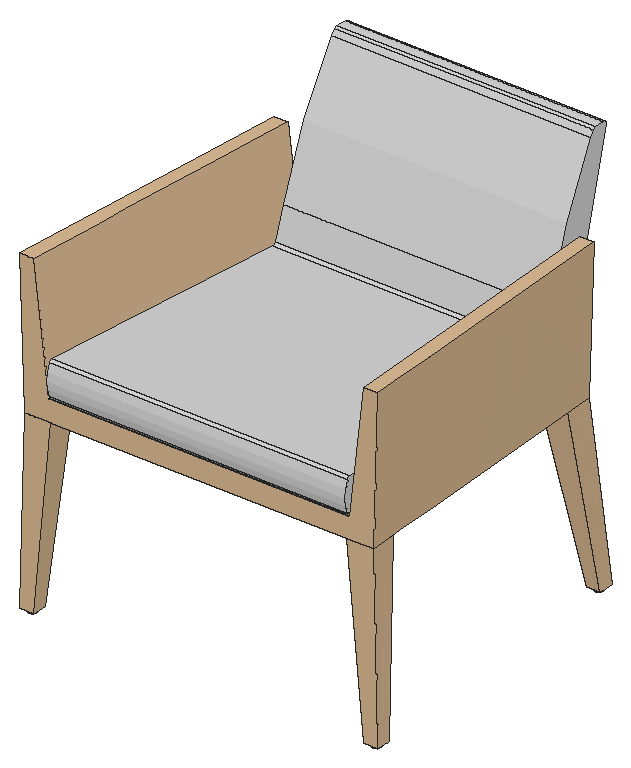
Revit family
Parameters
  Width = 2' - 1 3/4"  # constant formula
  URL = "http://elanbydecca.com/"
  Upholstery [instance] = Furniture - DECCA (Elan) - Rottet - Upholstery
  Base [instance] = Furniture - DECCA (Elan) - Rottet - Side Chair Base
  Product URL = "http://elanbydecca.com/PDFs/elan_tearsheet-rottet.pdf"
  Model = "LR SC850"
  Manufacturer = "Decca Contract"
  Height = 2' - 4 1/2"  # constant formula
  Description = "Rottet Side Chair"
  Depth = 2' - 1"  # constant formula
  Assembly Description = "Furniture & Accessories"
  Assembly Code = "E2020200"
Reference planes (in)
  plane 1 "Center Front/Back": y = -0.7524
  plane 2: z = 0
  plane 3 "Center Left/Right": x = 0
  plane 4 "L": x = -10.75
  plane 5 "R": x = 10.75
  plane 6 "F": y = -12.60201
  plane 7: y = 11.09721
  plane 8: through (-6.25338, 2.33237, 23.38953) normal (0.4297, -0.4297, 0.7941)
  plane 9: z = 28.5
  plane 10: z = 24.75
  plane 11: z = 17
  plane 12: x = -11.25
  plane 13: x = -10.40898
  plane 14: x = -9.40898
  plane 15: x = -10.11841
  plane 16: x = -8.21527
  plane 17: z = 0.25
  plane 18: z = 12.99161
  plane 19: z = 12.49132
  plane 20: x = 11.25
  plane 21: x = 10.40898
  plane 22: x = 9.40898
  plane 23: x = 10.11841
  plane 24: x = 8.21527
  plane 25: z = 25.02331
Forms (in)
  Blend 1, solid, material "Furniture - DECCA (Elan) - Rottet - Side Chair Base" <- "Base"
    base sketch origin (-0.97072, -0.65461, 8.32075) x (0, -1, 0) y (1, 0, 0)
      loop
        line (-10.24054, -10.47625) -> (-9.24054, -10.47625) -> (-9.24054, -9.48874) -> (-10.24054, -9.48874) -> (-10.24054, -10.47625)
    top sketch origin (-0.97072, -0.65461, 8.32075) x (0, -1, 0) y (1, 0, 0)
      loop
        line (-6.523, -8.28254) -> (-8.53951, -8.28254) -> (-8.53951, -10.18568) -> (-6.523, -10.32027) -> (-6.523, -8.28254)
    from -8.07075 to 4.67086
  Blend 2, solid, material "Furniture - DECCA (Elan) - Rottet - Side Chair Base" <- "Base"
    base sketch origin (-1.81693, -0.64746, 8.32075) x (0, -1, 0) y (1, 0, 0)
      loop
        line (12.60201, -11.06803) -> (12.60201, -10.08043) -> (11.60265, -10.08043) -> (11.60265, -11.06803) -> (12.60201, -11.06803)
    top sketch origin (-1.81693, -0.64746, 8.32075) x (0, -1, 0) y (1, 0, 0)
      loop
        line (10.72917, -8.85947) -> (10.72917, -10.62501) -> (12.60201, -10.75) -> (12.60201, -8.85947) -> (10.72917, -8.85947)
    from -8.07075 to 4.67086
  Extrusion 3, solid, material "Furniture - DECCA (Elan) - Rottet - Side Chair Base" <- "Base"
    sketch origin (0, 0, 0) x (0, 1, 0) y (0, 0, 1)
      loop
        line (-13.24947, 12.99161) -> (7.88743, 12.99161) -> (7.88743, 14.48767) -> (-13.24947, 14.48767) -> (-13.24947, 12.99161)
    from -10.92661 to 10.94798
  Extrusion 4, solid, material "Furniture - DECCA (Elan) - Rottet - Upholstery" <- "Upholstery"
    sketch origin (0, 0, 0) x (0, 1, 0) y (0, 0, 1)
      loop
        line (7.93908, 14.66929) -> (11.79664, 28.23477)
        arc (11.79664, 28.23477) -> (11.76429, 28.44167) -> (11.5859, 28.55137) r 0.25
        arc (11.5859, 28.55137) -> (11.20025, 28.56739) -> (10.81677, 28.52357) r 2.48799
        arc (10.81677, 28.52357) -> (10.72279, 28.48421) -> (10.65232, 28.41062) r 0.25
        line (10.65232, 28.41062) -> (10.41005, 28.02291)
        arc (10.41005, 28.02291) -> (8.05215, 23.58834) -> (6.33436, 18.86876) r 36
        line (6.33436, 18.86876) -> (5.71651, 16.71406)
        arc (5.71651, 16.71406) -> (5.62415, 16.58145) -> (5.46996, 16.53305) r 0.25
        line (5.46996, 16.53305) -> (-13.06789, 16.99575)
        arc (-13.06789, 16.99575) -> (-13.2129, 16.95377) -> (-13.30731, 16.83598) r 0.25
        arc (-13.30731, 16.83598) -> (-13.51108, 15.7414) -> (-13.30555, 14.64714) r 3.02861
        arc (-13.30555, 14.64714) -> (-13.2137, 14.53136) -> (-13.07251, 14.48767) r 0.25
        line (-13.07251, 14.48767) -> (7.69861, 14.48767)
        arc (7.69861, 14.48767) -> (7.84929, 14.53818) -> (7.93908, 14.66929) r 0.25
    from -10.75 to 10.75
  Extrusion 5, void
    sketch origin (0.29057, 0, 8.32075) x (0, -1, 0) y (1, 0, 0)
      loop
        line (13.59642, -11.04057) -> (-12.4976, -9.5084) -> (-12.4976, -12.56259) -> (13.59642, -12.56259) -> (13.59642, -11.04057)
      loop
        line (13.59642, 10.45943) -> (13.59642, 11.98145) -> (-12.4976, 11.98145) -> (-12.4976, 8.92726) -> (13.59642, 10.45943)
    from 4.17057 to 27.94524
  Revolve 6, solid, material "Furniture - DECCA (Elan) - Rottet - Side Chair Base" <- "Base"
    sketch origin (-1.81693, -12.74979, 0) x (1, 0, 0) y (0, 0, 1)
      loop
        line (-10.57423, 0) -> (-10.57423, 0.25) -> (-10.88673, 0.25) -> (-10.88673, 0.09487)
        arc (-10.88673, 0.09487) -> (-10.85894, 0.02779) -> (-10.79186, 0) r 0.09487
        line (-10.79186, 0) -> (-10.57423, 0)
      axis (-10.57423, 0.25) -> (-10.57423, 0)
    angle from 0 to 360
  Revolve 7, solid, material "Furniture - DECCA (Elan) - Rottet - Side Chair Base" <- "Base"
    sketch origin (-0.37899, 9.08593, 0) x (1, 0, 0) y (0, 0, 1)
      loop
        line (-10.57423, 0) -> (-10.57423, 0.25) -> (-10.88673, 0.25) -> (-10.88673, 0.09487)
        arc (-10.88673, 0.09487) -> (-10.85894, 0.02779) -> (-10.79186, 0) r 0.09487
        line (-10.79186, 0) -> (-10.57423, 0)
      axis (-10.57423, 0.25) -> (-10.57423, 0)
    angle from 0 to 360
  Blend 8, solid, material "Furniture - DECCA (Elan) - Rottet - Side Chair Base" <- "Base"
    base sketch origin (-60, -180, 12.99161) x (-1, 0, 0) y (0, -1, 0)
      loop
        line (-48.84359, -187.8849) -> (-47.43307, -166.75053) -> (-49.3236, -166.75053) -> (-50.74674, -187.8849) -> (-48.84359, -187.8849)
    top sketch origin (-60, -180, 12.99161) x (-1, 0, 0) y (0, -1, 0)
      loop
        line (-47.11504, -166.75053) -> (-48.10263, -166.75053) -> (-49.50035, -187.88743) -> (-48.49346, -187.88743) -> (-47.11504, -166.75053)
    from 0 to 10.18311
  Blend 9, solid, material "Furniture - DECCA (Elan) - Rottet - Side Chair Base" <- "Base"
    base sketch origin (0.97072, -0.65461, 8.32075) x (0, 1, 0) y (-1, 0, 0)
      loop
        line (10.24054, -10.47625) -> (10.24054, -9.48874) -> (9.24054, -9.48874) -> (9.24054, -10.47625) -> (10.24054, -10.47625)
    top sketch origin (0.97072, -0.65461, 8.32075) x (0, 1, 0) y (-1, 0, 0)
      loop
        line (6.523, -8.28254) -> (6.523, -10.32027) -> (8.53951, -10.18568) -> (8.53951, -8.28254) -> (6.523, -8.28254)
    from -8.07075 to 4.67086
  Blend 10, solid, material "Furniture - DECCA (Elan) - Rottet - Side Chair Base" <- "Base"
    base sketch origin (1.81693, -0.64746, 8.32075) x (0, 1, 0) y (-1, 0, 0)
      loop
        line (-12.60201, -11.06803) -> (-11.60265, -11.06803) -> (-11.60265, -10.08043) -> (-12.60201, -10.08043) -> (-12.60201, -11.06803)
    top sketch origin (1.81693, -0.64746, 8.32075) x (0, 1, 0) y (-1, 0, 0)
      loop
        line (-10.72917, -8.85947) -> (-12.60201, -8.85947) -> (-12.60201, -10.75) -> (-10.72917, -10.62501) -> (-10.72917, -8.85947)
    from -8.07075 to 4.67086
  Revolve 11, solid, material "Furniture - DECCA (Elan) - Rottet - Side Chair Base" <- "Base"
    sketch origin (1.81693, -12.74979, 0) x (-1, 0, 0) y (0, 0, 1)
      loop
        line (-10.57423, 0) -> (-10.57423, 0.25) -> (-10.88673, 0.25) -> (-10.88673, 0.09487)
        arc (-10.88673, 0.09487) -> (-10.85894, 0.02779) -> (-10.79186, 0) r 0.09487
        line (-10.79186, 0) -> (-10.57423, 0)
      axis (-10.57423, 0.25) -> (-10.57423, 0)
    angle from 0 to 360
  Revolve 12, solid, material "Furniture - DECCA (Elan) - Rottet - Side Chair Base" <- "Base"
    sketch origin (0.37899, 9.08593, 0) x (-1, 0, 0) y (0, 0, 1)
      loop
        line (-10.57423, 0) -> (-10.57423, 0.25) -> (-10.88673, 0.25) -> (-10.88673, 0.09487)
        arc (-10.88673, 0.09487) -> (-10.85894, 0.02779) -> (-10.79186, 0) r 0.09487
        line (-10.79186, 0) -> (-10.57423, 0)
      axis (-10.57423, 0.25) -> (-10.57423, 0)
    angle from 0 to 360
  Blend 13, solid, material "Furniture - DECCA (Elan) - Rottet - Side Chair Base" <- "Base"
    base sketch origin (60, -180, 12.99161) x (1, 0, 0) y (0, 1, 0)
      loop
        line (-48.84359, 187.8849) -> (-50.74674, 187.8849) -> (-49.3236, 166.75053) -> (-47.43307, 166.75053) -> (-48.84359, 187.8849)
    top sketch origin (60, -180, 12.99161) x (1, 0, 0) y (0, 1, 0)
      loop
        line (-47.11504, 166.75053) -> (-48.49346, 187.88743) -> (-49.50035, 187.88743) -> (-48.10263, 166.75053) -> (-47.11504, 166.75053)
    from 0 to 10.18311
Cuts and joins
  Extrusion 5 cuts Extrusion 4
  joined: Blend 2, Revolve 6
  joined: Blend 1, Revolve 7
  joined: Extrusion 3, Blend 8, Blend 13
  joined: Blend 10, Revolve 11
  joined: Blend 9, Revolve 12
Dimensions and locks (in)
  equal spacing: plane 4 "L", plane 3 "Center Left/Right", plane 5 "R"
  equal spacing: plane 7, plane 1 "Center Front/Back", plane 6 "F"
  plane 10 to level = 2' - 0 3/4"
  plane 11 to level = 1' - 5"
  locked: plane 12 to plane 4 "L" at 0.5
  plane 4 "L" to plane 13 to plane 15 to plane 14 to plane 16 = 0' - 0.34102" locked, 0' - 0.29057" locked, 0' - 0.70943" locked, 0' - 1.19371" locked
  locked: plane 18 to level at 12.99161
  locked: plane 19 to level at 12.49132
  plane 21 to plane 23 to plane 22 to plane 24 = 0' - 0.29057" locked, 0' - 0.70943" locked, 0' - 1.19371" locked
  locked: plane 5 "R" to plane 20 at 0.5
Automatic sketch dimensions
  Blend 1 sketch curve to plane 13 = 0' - 0.05048"
  Blend 1 sketch curve to plane 7 = 0' - 1.51128"
  Blend 1 sketch curve to plane 12 = 0' - 0.19697"
  Blend 1 sketch curve to Blend 1 sketch curve = 0' - 1"
  plane 14 to Blend 1 sketch curve = 0' - 0.15572"
  Blend 1 sketch curve to plane 7 = 0' - 3.21231"
  Blend 1 sketch curve to Blend 1 sketch curve = 0' - 2.01651"
  plane 12 to Blend 1 sketch curve = 0' - 0.09359"
  Blend 1 sketch curve to plane 12 = 0' - 0.04099"
  plane 6 "F" to Blend 2 sketch curve = 0' - 0.3519"
  Blend 2 sketch curve to plane 6 "F" = 0' - 0.64746"  (x2)
  Blend 2 sketch curve to plane 12 = 0' - 1.63496"
  Blend 2 sketch curve to plane 12 = 0' - 0.64737"
  plane 6 "F" to Blend 2 sketch curve = 0' - 1.22537"
  plane 4 "L" to Blend 2 sketch curve = 0' - 0.0736"
  Blend 2 sketch curve to plane 12 = 0' - 1.19194"
  Blend 2 sketch curve to plane 12 = 0' - 1.31693"
  Extrusion 3 sketch curve to plane 18 = 0' - 0"
  Extrusion 3 sketch curve to plane 6 "F" = 0' - 0.64746"
  Extrusion 3 sketch curve to plane 7 = 0' - 3.20978"
  plane 18 to Extrusion 3 sketch curve = 0' - 1.49607"
  Revolve 6 sketch curve to plane 17 = 0' - 0"  (x2)
  Revolve 6 sketch curve to level = 0' - 0"  (x2)
  plane 12 to Revolve 6 sketch curve = 0' - 1.45367"
  Revolve 6 sketch curve to level = 0' - 0.09487"
  Revolve 6 sketch curve to Revolve 6 sketch curve = 0' - 0.21763"
  Revolve 6 sketch curve to Revolve 6 sketch curve = 0' - 0"
  Revolve 7 sketch curve to plane 17 = 0' - 0"  (x2)
  Revolve 7 sketch curve to level = 0' - 0"  (x2)
  plane 12 to Revolve 7 sketch curve = 0' - 0.01572"
  Revolve 7 sketch curve to plane 12 = 0' - 0.07915"
  plane 4 "L" to Revolve 7 sketch curve = 0' - 0.20322"
  Revolve 7 sketch curve to Revolve 7 sketch curve = 0' - 0"
  plane 14 to Blend 8 sketch curve = 0' - 0.15572"
  plane 4 "L" to Blend 8 sketch curve = 0' - 0.0736"
  plane 12 to Blend 8 sketch curve = 0' - 0.09359"
  Blend 8 sketch curve to plane 6 "F" = 0' - 0.64746"  (x2)
  Blend 8 sketch curve to plane 12 = 0' - 1.31693"
  Blend 8 sketch curve to plane 7 = 0' - 3.21231"
  Blend 8 sketch curve to plane 13 = 0' - 0.09067"
  Blend 8 sketch curve to plane 12 = 0' - 0.25654"
  Blend 8 sketch curve to plane 12 = 0' - 0.64737"
  Blend 8 sketch curve to Blend 8 sketch curve = 0' - 0.9876"
  Blend 8 sketch curve to plane 7 = 0' - 3.20978"
  Blend 9 sketch curve to plane 20 = 0' - 0.19697"
  Blend 9 sketch curve to plane 7 = 0' - 2.51128"
  Blend 9 sketch curve to Blend 9 sketch curve = 0' - 1"
  Blend 9 sketch curve to plane 21 = 0' - 0.05048"
  Blend 9 sketch curve to plane 20 = 0' - 0.04099"
  Blend 9 sketch curve to plane 7 = 0' - 5.22883"
  plane 22 to Blend 9 sketch curve = 0' - 0.15572"
  Blend 9 sketch curve to Blend 9 sketch curve = 0' - 2.01651"
  plane 20 to Blend 9 sketch curve = 0' - 0.09359"
  Blend 10 sketch curve to plane 6 "F" = 0' - 0.64746"  (x2)
  plane 6 "F" to Blend 10 sketch curve = 0' - 0.3519"
  Blend 10 sketch curve to plane 20 = 0' - 1.63496"
  Blend 10 sketch curve to plane 20 = 0' - 0.64737"
  plane 5 "R" to Blend 10 sketch curve = 0' - 0.0736"
  plane 6 "F" to Blend 10 sketch curve = 0' - 1.22537"
  Blend 10 sketch curve to plane 20 = 0' - 1.19194"
  Blend 10 sketch curve to plane 20 = 0' - 1.31693"
  Revolve 11 sketch curve to plane 17 = 0' - 0"  (x2)
  Revolve 11 sketch curve to level = 0' - 0"  (x2)
  Revolve 11 sketch curve to plane 20 = 0' - 1.45367"
  level to Revolve 11 sketch curve = 0' - 0.09487"
  Revolve 11 sketch curve to Revolve 11 sketch curve = 0' - 0.21763"
  Revolve 11 sketch curve to Revolve 11 sketch curve = 0' - 0"
  Revolve 12 sketch curve to plane 17 = 0' - 0"  (x2)
  Revolve 12 sketch curve to level = 0' - 0"  (x2)
  Revolve 12 sketch curve to plane 20 = 0' - 0.01572"
  plane 20 to Revolve 12 sketch curve = 0' - 0.07915"
  Revolve 12 sketch curve to plane 5 "R" = 0' - 0.20322"
  Revolve 12 sketch curve to Revolve 12 sketch curve = 0' - 0"
  plane 22 to Blend 13 sketch curve = 0' - 0.15572"
  plane 5 "R" to Blend 13 sketch curve = 0' - 0.0736"
  plane 20 to Blend 13 sketch curve = 0' - 0.09359"
  Blend 13 sketch curve to plane 6 "F" = 0' - 0.64746"  (x2)
  Blend 13 sketch curve to plane 20 = 0' - 1.31693"
  Blend 13 sketch curve to plane 7 = 0' - 3.21231"
  Blend 13 sketch curve to plane 21 = 0' - 0.09067"
  Blend 13 sketch curve to plane 20 = 0' - 0.25654"
  Blend 13 sketch curve to plane 20 = 0' - 0.64737"
  Blend 13 sketch curve to Blend 13 sketch curve = 0' - 0.9876"
  Blend 13 sketch curve to plane 7 = 0' - 3.20978"
  Extrusion 4 sketch curve to plane 11 = 0' - 0.16402"
  Extrusion 4 sketch curve to plane 6 "F" = 0' - 0.7053"
  Extrusion 4 sketch curve to Extrusion 4 sketch curve = 0' - 0"  (x4)
  Extrusion 4 sketch curve to plane 6 "F" = 0' - 0.70354"
  Extrusion 4 sketch curve to Extrusion 4 sketch curve = 0' - 0.23318"
  Extrusion 4 sketch curve to Extrusion 4 sketch curve = 0' - 0.23303"
  Extrusion 4 sketch curve to plane 11 = 0' - 0.00425"
  Extrusion 4 sketch curve to Extrusion 4 sketch curve = 0' - 0.00624"  (x2)
  Extrusion 4 sketch curve to plane 11 = 0' - 1.25616"
  Extrusion 4 sketch curve to plane 11 = 0' - 0.46695"
  Extrusion 4 sketch curve to plane 7 = 0' - 5.62725"
  Extrusion 4 sketch curve to plane 11 = 0' - 0.28594"
  Extrusion 4 sketch curve to Extrusion 4 sketch curve = 0' - 0.24032"
  Extrusion 4 sketch curve to Extrusion 4 sketch curve = 0' - 1.9821"
  Extrusion 4 sketch curve to plane 7 = 0' - 4.76285"
  plane 10 to Extrusion 4 sketch curve = 0' - 3.27291"
  Extrusion 4 sketch curve to Extrusion 4 sketch curve = 0' - 4.07569"
  Extrusion 4 sketch curve to Extrusion 4 sketch curve = 0' - 0.24047"
  Extrusion 4 sketch curve to Extrusion 4 sketch curve = 2' - 10.60542"
  Extrusion 4 sketch curve to plane 9 = 0' - 0.08938"
  Extrusion 4 sketch curve to plane 7 = 0' - 0.44489"
  plane 9 to Extrusion 4 sketch curve = 0' - 0.02357"
  Extrusion 4 sketch curve to Extrusion 4 sketch curve = 0' - 0.16445"
  Extrusion 4 sketch curve to plane 7 = 0' - 0.23288"
  plane 7 to Extrusion 4 sketch curve = 0' - 0.19291"
  Extrusion 4 sketch curve to plane 9 = 0' - 0.19685"
  plane 7 to Extrusion 4 sketch curve = 0' - 0.45897"
  Extrusion 4 sketch curve to plane 9 = 0' - 0.26523"
  Extrusion 4 sketch curve to Extrusion 4 sketch curve = 0' - 0.18162"
  Extrusion 4 sketch curve to Extrusion 4 sketch curve = 0' - 9.92294"
  Extrusion 5 sketch curve to plane 5 "R" = 0' - 0"
  Extrusion 5 sketch curve to plane 4 "L" = 0' - 0"
  plane 22 to Extrusion 5 sketch curve = 0' - 0.19115"
  plane 7 to Extrusion 5 sketch curve = 0' - 1.40039"  (x2)
  Extrusion 5 sketch curve to plane 6 "F" = 0' - 0.99441"  (x2)
  Extrusion 5 sketch curve to plane 12 = 0' - 1.02202"
  plane 14 to Extrusion 5 sketch curve = 0' - 0.19115"
  Extrusion 5 sketch curve to plane 20 = 0' - 1.02202"
